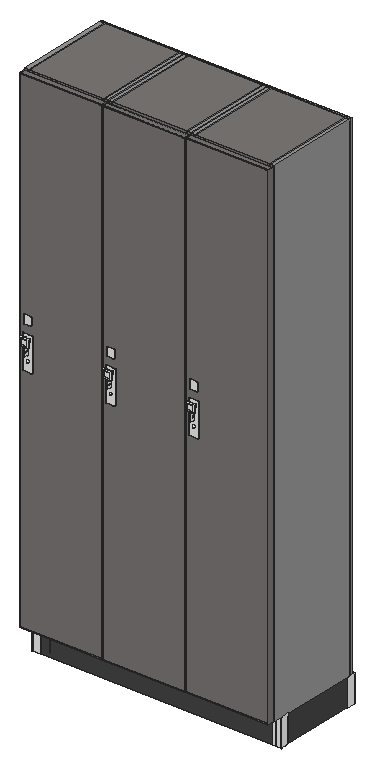
Revit family "Wood_Lockers_Hasps-Salsbury_Industries-41000_Series-3_Wide_Units.rfa", category Specialty Equipment, Revit 2016 (continued)
Definition of nested family "Premier Locker Doors_Hasp"
  Forms (in)
    Extrusion 6, solid, visible <- "Visible Number Plates", detail levels medium+fine
      sketch origin (-1.875, -0.375, 0) x (1, 0, 0) y (0, 0, 1)
        loop
          line (-3.5625, 40.60084) -> (-3.5625, 39.64916)
          arc (-3.5625, 39.64916) -> (-3.51881, 39.54369) -> (-3.41334, 39.5) r 0.14916
          line (-3.41334, 39.5) -> (-2.46166, 39.5)
          arc (-2.46166, 39.5) -> (-2.35619, 39.54369) -> (-2.3125, 39.64916) r 0.14916
          line (-2.3125, 39.64916) -> (-2.3125, 40.60084)
          arc (-2.3125, 40.60084) -> (-2.35619, 40.70631) -> (-2.46166, 40.75) r 0.14916
          line (-2.46166, 40.75) -> (-3.41334, 40.75)
      from -0.062 to 0
    Extrusion 7, solid, detail levels medium+fine
      sketch origin (0, 0.375, 0) x (1, 0, 0) y (0, 0, 1)
        loop
          circle (-5.4875, 71.3) r 0.25
      from 0 to -0.25
    Extrusion 8, solid, detail levels medium+fine
      sketch origin (0, 0.375, 0) x (1, 0, 0) y (0, 0, 1)
        loop
          line (5.3125, 68.5) -> (5.3125, 69) -> (4.8125, 69) -> (4.8125, 68.5) -> (5.3125, 68.5)
      from 0 to -0.25
    Extrusion 9, solid, detail levels medium+fine
      sketch origin (0, 0.375, -0.25) x (1, 0, 0) y (0, 0, 1)
        loop
          line (5.3125, 3) -> (5.3125, 3.5) -> (4.8125, 3.5) -> (4.8125, 3) -> (5.3125, 3)
      from 0 to -0.25
    Extrusion 10, solid, visible <- "Visible Center Hinge", detail levels medium+fine
      sketch origin (0, 0.375, -0.25) x (1, 0, 0) y (0, 0, 1)
        loop
          line (5.3125, 35.875) -> (5.3125, 36.375) -> (4.8125, 36.375) -> (4.8125, 35.875) -> (5.3125, 35.875)
      from 0 to -0.25
    Extrusion 11, void
      sketch origin (-1.875, -0.375, 0) x (1, 0, 0) y (0, 0, 1)
        loop
          arc (-3.5625, 38.3125) -> (-3.65089, 38.27589) -> (-3.6875, 38.1875) r 0.125
          line (-3.6875, 38.1875) -> (-3.6875, 33.5625)
          arc (-3.6875, 33.5625) -> (-3.65089, 33.47411) -> (-3.5625, 33.4375) r 0.125
          line (-3.5625, 33.4375) -> (-2.3125, 33.4375)
          arc (-2.3125, 33.4375) -> (-2.22411, 33.47411) -> (-2.1875, 33.5625) r 0.125
          line (-2.1875, 33.5625) -> (-2.1875, 38.1875)
          arc (-2.1875, 38.1875) -> (-2.22411, 38.27589) -> (-2.3125, 38.3125) r 0.125
          line (-2.3125, 38.3125) -> (-3.5625, 38.3125)
      from -0.062 to 0
    Extrusion 12, solid
      sketch origin (-1.875, -0.375, 0) x (1, 0, 0) y (0, 0, 1)
        loop
          line (-2.3125, 38.3125) -> (-3.5625, 38.3125)
          arc (-3.5625, 38.3125) -> (-3.65089, 38.27589) -> (-3.6875, 38.1875) r 0.125
          line (-3.6875, 38.1875) -> (-3.6875, 33.5625)
          arc (-3.6875, 33.5625) -> (-3.65089, 33.47411) -> (-3.5625, 33.4375) r 0.125
          line (-3.5625, 33.4375) -> (-2.3125, 33.4375)
          arc (-2.3125, 33.4375) -> (-2.22411, 33.47411) -> (-2.1875, 33.5625) r 0.125
          line (-2.1875, 33.5625) -> (-2.1875, 38.1875)
          arc (-2.1875, 38.1875) -> (-2.22411, 38.27589) -> (-2.3125, 38.3125) r 0.125
      from 0 to -0.062
    Extrusion 13, void
      sketch origin (-1.875, -0.375, 0) x (1, 0, 0) y (0, 0, 1)
        loop
          line (-3.1255, 36.6245) -> (-3.1255, 35.74816)
          arc (-3.1255, 35.74816) -> (-2.9375, 35.56016) -> (-2.7495, 35.74816) r 0.188
          line (-2.7495, 35.74816) -> (-2.7495, 36.6245)
          arc (-2.7495, 36.6245) -> (-2.9375, 36.8125) -> (-3.1255, 36.6245) r 0.188
      from 0 to -0.75
    Sweep 14, solid, detail levels medium+fine
      path origin (-1.875, -0.375, 0) x (1, 0, 0) y (0, 0, 1)
        loop
          circle (-2.9375, 34.8125) r 0.01
      profile origin (-4.8125, -0.375, 34.8225) x (0, 0, -1) y (0, -1, 0)
        loop
          line (0, 0) -> (0, 0.125)
          arc (0, 0.125) -> (-0.10032, 0.09036) -> (-0.156, 0) r 0.15776
          line (-0.156, 0) -> (0, 0)
    Extrusion 15, solid, detail levels medium+fine
      sketch origin (-1.875, -0.375, 0) x (1, 0, 0) y (0, 0, 1)
        loop
          circle (-2.9375, 34.8125) r 0.01
      from 0 to 0.125
    Sweep 16, solid
      path origin (-1.875, -0.375, 0) x (1, 0, 0) y (0, 0, 1)
        loop
          line (-3.5625, 38.1875) -> (-3.5625, 36.9375) -> (-2.3125, 36.9375) -> (-2.3125, 38.1875) -> (-3.5625, 38.1875)
      profile origin (-4.8125, -0.375, 38.1875) x (0, 0, 1) y (0, -1, 0)
        loop
          line (-0.38067, 0) -> (-0.38067, 0.24142)
          arc (-0.38067, 0.24142) -> (-0.34525, 0.34191) -> (-0.25465, 0.39797) r 0.16024
          arc (-0.25465, 0.39797) -> (-0.10494, 0.46941) -> (0, 0.59789) r 0.37946
          spline (0, 0.59789) -> (-0.00179, 0.61485) -> (-0.00715, 0.6316) -> (-0.01601, 0.64793) -> (-0.02825, 0.66364) -> (-0.04373, 0.67852) -> (-0.06225, 0.6924) -> (-0.08358, 0.7051) -> (-0.10745, 0.71647) -> (-0.13357, 0.72635) -> (-0.16161, 0.73463) -> (-0.19123, 0.74121) -> (-0.22204, 0.746)
          arc (-0.22204, 0.746) -> (-0.31051, 0.60028) -> (-0.42829, 0.47704) r 0.78682
          arc (-0.42829, 0.47704) -> (-0.50625, 0.37521) -> (-0.53396, 0.25) r 0.29673
          line (-0.53396, 0.25) -> (-0.53396, 0) -> (-0.38067, 0)
    Blend 17, solid
      base sketch origin (-1.875, -1.125, 0) x (0, 0, -1) y (-1, 0, 0)
        loop
          line (-37.96546, 3.34046) -> (-37.96546, 2.53454) -> (-37.15954, 2.53454) -> (-37.15954, 3.34046) -> (-37.96546, 3.34046)
      top sketch origin (-1.875, -1.125, 0) x (0, 0, -1) y (-1, 0, 0)
        loop
          line (-37.93279, 3.30777) -> (-37.93279, 2.56715) -> (-37.19211, 2.56715) -> (-37.19211, 3.30777) -> (-37.93279, 3.30777)
      from 0 to 0.031
    Extrusion 18, solid
      sketch origin (-4.8125, 0, 0) x (0, 0, -1) y (0, -1, 0)
        loop
          line (-35.6844, 1) -> (-36.6844, 1) -> (-36.6844, -0.375) -> (-35.6844, -0.375) -> (-35.6844, 1)
      from -0.063 to 0.063
    Extrusion 19, void
      sketch origin (-4.8125, 35.51803, 36.85077) x (0, 1, 0) y (0, 0, -1)
        loop
          circle (-36.1844, 0.66637) r 0.25
      from -0.063 to 0.063
  Cuts and joins
    Extrusion 5, Extrusion 13 cuts Extrusion 1
    Extrusion 5, Extrusion 11 cuts Extrusion 3
    Extrusion 13 cuts Extrusion 12
    Extrusion 13 cuts Extrusion 2
    Extrusion 19 cuts Extrusion 18
  Lines and regions (in)
    symbolic lines
      curve 1: line (-5.9375, 0.375, 0) -> (5.9375, 0.375, 0)
      curve 2: line (5.9375, 0.375, 0) -> (5.9375, 0.375, 71.75)
      curve 3: line (5.9375, 0.375, 71.75) -> (-5.9375, 0.375, 71.75)
      curve 4: line (-5.9375, 0.375, 71.75) -> (-5.9375, 0.375, 0)
      curve 5: line (-5.9375, 0.375, 71.625) -> (5.9375, 0.375, 71.625)
      curve 6: line (-5.9375, -0.375, 71.625) -> (-5.9375, 0.375, 71.625)
      curve 7: line (5.9375, -0.375, 71.625) -> (-5.9375, -0.375, 71.625)
      curve 8: line (5.9375, 0.375, 71.625) -> (5.9375, -0.375, 71.625)
      curve 9: line (5.3125, 0.375, 71.625) -> (5.3125, 0.625, 71.625)
      curve 10: line (5.3125, 0.625, 71.625) -> (4.8125, 0.625, 71.625)
      curve 11: line (4.8125, 0.625, 71.625) -> (4.8125, 0.375, 71.625)
      curve 12: line (-5.73713, 0.375, 71.625) -> (-5.73713, 0.625, 71.625)
      curve 13: line (-5.2375, 0.375, 71.625) -> (-5.2375, 0.625, 71.625)
      curve 14: line (-5.2375, 0.625, 71.625) -> (-5.73713, 0.625, 71.625)
      curve 15: line (-4.8125, -0.375, 71.75) -> (-4.8125, 0.375, 71.75)
      curve 16: line (-4.8125, -0.375, 0) -> (-4.8125, -0.375, 71.75)
      curve 17: line (-4.8125, 0.375, 0) -> (-4.8125, -0.375, 0)
      curve 18: line (-4.8125, 0.375, 71.75) -> (-4.8125, 0.375, 0)
      curve 19: line (-4.8125, 0.375, 69) -> (-4.8125, 0.625, 69)
      curve 20: line (-4.8125, 0.625, 69) -> (-4.8125, 0.625, 68.5)
      curve 21: line (-4.8125, 0.625, 68.5) -> (-4.8125, 0.375, 68.5)
      curve 22: line (-4.8125, 0.375, 3.25) -> (-4.8125, 0.625, 3.25)
      curve 23: line (-4.8125, 0.625, 3.25) -> (-4.8125, 0.625, 2.75)
      curve 24: line (-4.8125, 0.625, 2.75) -> (-4.8125, 0.375, 2.75)
      curve 25: line (-4.8125, 0.375, 36.125) -> (-4.8125, 0.625, 36.125)
      curve 26: line (-4.8125, 0.625, 36.125) -> (-4.8125, 0.625, 35.625)
      curve 27: line (-4.8125, 0.625, 35.625) -> (-4.8125, 0.375, 35.625)
      curve 28: line (-5.5625, -0.375, 71.625) -> (-4.0625, -0.375, 71.625)
      curve 29: line (-5.4375, -1.125, 38.3125) -> (-4.1875, -1.125, 38.3125)
      curve 30: arc (-4.0625, -1.125, 38.1875) -> (-4.09911, -1.125, 38.27589) -> (-4.1875, -1.125, 38.3125) r 0.125
      curve 31: arc (-5.4375, -1.125, 38.3125) -> (-5.52589, -1.125, 38.27589) -> (-5.5625, -1.125, 38.1875) r 0.125
      curve 32: line (-5.5625, -1.125, 33.5625) -> (-5.5625, -1.125, 38.1875)
      curve 33: line (-4.0625, -1.125, 38.1875) -> (-4.0625, -1.125, 33.5625)
      curve 34: arc (-4.1875, -1.125, 33.4375) -> (-4.09911, -1.125, 33.47411) -> (-4.0625, -1.125, 33.5625) r 0.125
      curve 35: arc (-5.5625, -1.125, 33.5625) -> (-5.52589, -1.125, 33.47411) -> (-5.4375, -1.125, 33.4375) r 0.125
      curve 36: line (-4.1875, -1.125, 33.4375) -> (-5.4375, -1.125, 33.4375)
      curve 37: arc (-4.6245, -1.125, 36.6245) -> (-4.8125, -1.125, 36.8125) -> (-5.0005, -1.125, 36.6245) r 0.188
      curve 38: arc (-5.0005, -1.125, 35.7505) -> (-4.8125, -1.125, 35.5625) -> (-4.6245, -1.125, 35.7505) r 0.188
      curve 39: line (-4.6245, -1.125, 36.6245) -> (-4.6245, -1.125, 35.7505)
      curve 40: line (-5.0005, -1.125, 35.7505) -> (-5.0005, -1.125, 36.6245)
      curve 41: line (-4.1875, -1.125, 36.9375) -> (-5.4375, -1.125, 36.9375)
      curve 42: line (-4.1875, -1.125, 38.1875) -> (-4.1875, -1.125, 36.9375)
      curve 43: line (-5.4375, -1.125, 36.9375) -> (-5.4375, -1.125, 38.1875)
      curve 44: line (-5.4375, -1.125, 38.1875) -> (-4.1875, -1.125, 38.1875)
      curve 45: line (-4.8755, -1.125, 36.6844) -> (-4.7495, -1.125, 36.6844)
      curve 46: line (-4.7495, -1.125, 36.6844) -> (-4.7495, -1.125, 35.6844)
      curve 47: line (-4.8755, -1.125, 35.6844) -> (-4.8755, -1.125, 36.6844)
      curve 48: line (-4.7495, -1.125, 35.6844) -> (-4.8755, -1.125, 35.6844)
      curve 49: line (-4.8125, -1, 36.6844) -> (-4.8125, -0.375, 36.6844)
      curve 50: line (-4.8125, -1, 35.6844) -> (-4.8125, -1, 36.6844)
      curve 51: line (-4.8125, -0.375, 35.6844) -> (-4.8125, -1, 35.6844)
      curve 52: arc (-4.8125, -0.91637, 36.1844) -> (-4.8125, -0.66637, 36.4344) -> (-4.8125, -0.41637, 36.1844) r 0.25
      curve 53: arc (-4.8125, -0.41637, 36.1844) -> (-4.8125, -0.66637, 35.9344) -> (-4.8125, -0.91637, 36.1844) r 0.25
      curve 54: line (-4.8125, -0.375, 37.31817) -> (-4.8125, -0.61642, 37.31817)
      curve 55: arc (-4.8125, -0.77297, 37.19215) -> (-4.8125, -0.71691, 37.28275) -> (-4.8125, -0.61642, 37.31817) r 0.16024
      curve 56: arc (-4.8125, -0.97289, 36.9375) -> (-4.8125, -0.84441, 37.04244) -> (-4.8125, -0.77297, 37.19215) r 0.37946
      curve 57: spline (-4.8125, -1.121, 37.15954) -> (-4.8125, -1.11621, 37.12873) -> (-4.8125, -1.10963, 37.09911) -> (-4.8125, -1.10135, 37.07107) -> (-4.8125, -1.09147, 37.04495) -> (-4.8125, -1.0801, 37.02108) -> (-4.8125, -1.0674, 36.99975) -> (-4.8125, -1.05352, 36.98123) -> (-4.8125, -1.03864, 36.96575) -> (-4.8125, -1.02293, 36.95351) -> (-4.8125, -1.0066, 36.94465) -> (-4.8125, -0.98985, 36.93929) -> (-4.8125, -0.97289, 36.9375)
      curve 58: line (-4.8125, -1.125, 37.15954) -> (-4.8125, -1.125, 37.96546)
      curve 59: spline (-4.8125, -1.121, 37.96546) -> (-4.8125, -1.11621, 37.99627) -> (-4.8125, -1.10963, 38.02589) -> (-4.8125, -1.10135, 38.05393) -> (-4.8125, -1.09147, 38.08005) -> (-4.8125, -1.0801, 38.10392) -> (-4.8125, -1.0674, 38.12525) -> (-4.8125, -1.05352, 38.14377) -> (-4.8125, -1.03864, 38.15925) -> (-4.8125, -1.02293, 38.17149) -> (-4.8125, -1.0066, 38.18035) -> (-4.8125, -0.98985, 38.18571) -> (-4.8125, -0.97289, 38.1875)
      curve 60: arc (-4.8125, -0.97289, 38.1875) -> (-4.8125, -0.84441, 38.08256) -> (-4.8125, -0.77297, 37.93285) r 0.37946
      curve 61: arc (-4.8125, -0.77297, 37.93285) -> (-4.8125, -0.71691, 37.84225) -> (-4.8125, -0.61642, 37.80683) r 0.16024
      curve 62: line (-4.8125, -0.61642, 37.80683) -> (-4.8125, -0.375, 37.80683)
      curve 63: line (-5.05683, -0.61642, 71.625) -> (-5.05683, -0.375, 71.625)
      curve 64: arc (-5.18285, -0.77297, 71.625) -> (-5.09225, -0.71691, 71.625) -> (-5.05683, -0.61642, 71.625) r 0.16024
      curve 65: arc (-5.4375, -0.97289, 71.625) -> (-5.33256, -0.84441, 71.625) -> (-5.18285, -0.77297, 71.625) r 0.37946
      curve 66: line (-4.40954, -1.125, 71.625) -> (-5.21546, -1.125, 71.625)
      curve 67: spline (-4.40954, -1.121, 71.625) -> (-4.37873, -1.11621, 71.625) -> (-4.34911, -1.10963, 71.625) -> (-4.32107, -1.10135, 71.625) -> (-4.29495, -1.09147, 71.625) -> (-4.27108, -1.0801, 71.625) -> (-4.24975, -1.0674, 71.625) -> (-4.23123, -1.05352, 71.625) -> (-4.21575, -1.03864, 71.625) -> (-4.20351, -1.02293, 71.625) -> (-4.19465, -1.0066, 71.625) -> (-4.18929, -0.98985, 71.625) -> (-4.1875, -0.97289, 71.625)
      curve 68: arc (-4.1875, -0.97289, 71.625) -> (-4.29244, -0.84441, 71.625) -> (-4.44215, -0.77297, 71.625) r 0.37946
      curve 69: arc (-4.44215, -0.77297, 71.625) -> (-4.53275, -0.71691, 71.625) -> (-4.56817, -0.61642, 71.625) r 0.16024
      curve 70: line (-4.56817, -0.375, 71.625) -> (-4.56817, -0.61642, 71.625)
      curve 71: spline (-5.21546, -1.121, 71.625) -> (-5.24627, -1.11621, 71.625) -> (-5.27589, -1.10963, 71.625) -> (-5.30393, -1.10135, 71.625) -> (-5.33005, -1.09147, 71.625) -> (-5.35392, -1.0801, 71.625) -> (-5.37525, -1.0674, 71.625) -> (-5.39377, -1.05352, 71.625) -> (-5.40925, -1.03864, 71.625) -> (-5.42149, -1.02293, 71.625) -> (-5.43035, -1.0066, 71.625) -> (-5.43571, -0.98985, 71.625) -> (-5.4375, -0.97289, 71.625)
    reference lines
      curve 72: line (-5.9375, 0, 71.75) -> (5.3435, 0, 71.75)
      curve 73: line (5.3435, 0, 71.75) -> (-5.9375, 0, 71.75)
  Dimensions and locks (in)
    equal spacing: plane 4 "Left Side of Door", plane 3 "Center (Left/Right)", plane 5 "Right Side of Door"
    "Width": plane 4 "Left Side of Door" to plane 5 "Right Side of Door"
    equal spacing: plane 7 "Front of Door", plane 1 "Center (Front/Back)", plane 6 "Back of Door"
    "Depth": plane 7 "Front of Door" to plane 6 "Back of Door"
    equal spacing: plane 9 "Top of Door", plane 10 "Center of Door", plane 8 "Bottom of Door"
    "Height": plane 9 "Top of Door" to plane 8 "Bottom of Door"
    equal spacing: plane 11 "Top of Number Tag", plane 16 "Center of Number Tag", plane 12 "Bottom of Number Tag"
    "Number Tag Height": plane 11 "Top of Number Tag" to plane 12 "Bottom of Number Tag"
    equal spacing: plane 14 "Right Side of Number Tag", plane 15 "Horizontal Center of Number Tag", plane 13 "Left Side of Number Tag"
    "Number Tag Width": plane 14 "Right Side of Number Tag" to plane 13 "Left Side of Number Tag"
    "Number Tag-Horizontal Offset": plane 15 "Horizontal Center of Number Tag" to plane 5 "Right Side of Door"
    "Number Tag-Vertical Offset": plane 9 "Top of Door" to plane 16 "Center of Number Tag"
    "Lock Horizontal Offset": plane 4 "Left Side of Door" to plane 17 "Left Side of Lock"
    equal spacing: plane 20 "Top of Lock", plane 19 "Lock Vertical Center", plane 21 "Bottom of Lock"
    "Lock Height": plane 20 "Top of Lock" to plane 21 "Bottom of Lock"
    "Lock Vertical Offset": plane 9 "Top of Door" to plane 19 "Lock Vertical Center"
    plane 22 "Front of Hasp Stud" to plane 7 "Front of Door" = 0.125"
    locked: plane 24 "Right Side of Door-Left Side of Trim" to plane 5 "Right Side of Door" at 0.125
    locked: plane 4 "Left Side of Door" to plane 23 "Left Side of Door-Right Side of Trim" at 0.125
    locked: plane 9 "Top of Door" to plane 25 "Top of Door-Bottom of Trim" at 0.125
    plane 26 "Bottom of Door-Top of Trim" to plane 8 "Bottom of Door" = 0.125"
    plane 28 "Melamine-Particleboard Line" to plane 6 "Back of Door" = 0.031"
    plane 7 "Front of Door" to plane 27 "Laminate-Particleboard Line" = 0.031"
    plane 27 "Laminate-Particleboard Line" to plane 29 "Back of Number Plate Inset" = 0.031"
    equal spacing: plane 18 "Right Side of Lock", plane 30 "Center of Lock", plane 17 "Left Side of Lock", locked at 0.75 each
    "Lock Width": plane 18 "Right Side of Lock" to plane 17 "Left Side of Lock"
    plane 22 "Front of Hasp Stud" to plane 31 = 0.312"
    plane 6 "Back of Door" to plane 32 "Door Stopper Plane" = 0.250"
    locked: plane 23 "Left Side of Door-Right Side of Trim" to plane 33 at 0.325
    locked: plane 25 "Top of Door-Bottom of Trim" to plane 34 at 0.325
    locked: plane 9 "Top of Door" to plane 35 "Top Hinge" at 3
    plane 36 to plane 5 "Right Side of Door" = 0.625"
    plane 6 "Back of Door" to plane 28 "Melamine-Particleboard Line" = 0.031"
    plane 9 "Top of Door" to plane 25 "Top of Door-Bottom of Trim" = 0.125"
    plane 7 "Front of Door" to plane 38 "Inner Knob" = 0.719"
    locked: plane 38 "Inner Knob" to plane 39 "Front of Knob" at 0.031
    locked: plane 40 to plane 20 "Top of Lock" at 1.125
    locked: plane 21 "Bottom of Lock" to plane 41 at 1.125
    locked: plane 20 "Top of Lock" to plane 42 at 0.125
    locked: plane 18 "Right Side of Lock" to plane 43 at 0.125
    locked: plane 44 to plane 17 "Left Side of Lock" at 0.125
    plane 42 to plane 45 = 1.250"
    locked: plane 45 to plane 46 "Top of Hole" at 0.125
    plane 48 to plane 30 "Center of Lock" to plane 47 = 0.188" locked, 0.188" locked
    locked: plane 46 "Top of Hole" to plane 49 "Bottom of Hole" at 1.25
    plane 49 "Bottom of Hole" to plane 50 "Stud Alignment" = 0.750"
    locked: plane 42 to plane 51 "Center of Handle" at 0.625
    plane 52 to plane 51 "Center of Handle" to plane 53 = 0.188" locked, 0.188" locked
    plane 7 "Front of Door" to plane 39 "Front of Knob" = 0.750"
    locked: plane 42 to plane 54 at 0.22204
    locked: plane 55 to plane 45 at 0.22204
    locked: plane 7 "Front of Door" to plane 56 "Front of Latch" at 0.625
    locked: plane 57 to plane 58 at 1
    locked: plane 46 "Top of Hole" to plane 57 at 0.1281
    equal spacing: plane 58, plane 59, plane 57
    locked: plane 60 to plane 5 "Right Side of Door" at 0.594
    locked: plane 57 to plane 61 at 0.0599
    locked: plane 62 to plane 58 at 0.06376
    plane 12 "Bottom of Number Tag" to plane 20 "Top of Lock" = 1.1875"
    aligned and locked: level to plane 2
    aligned and locked: Extrusion 5 to plane 11 "Top of Number Tag"
    aligned and locked: plane 12 "Bottom of Number Tag" to Extrusion 5
    aligned and locked: Extrusion 5 to plane 14 "Right Side of Number Tag"
    aligned and locked: Extrusion 5 to plane 13 "Left Side of Number Tag"
    aligned and locked: plane 29 "Back of Number Plate Inset" to Extrusion 5
    aligned and locked: plane 7 "Front of Door" to Extrusion 5
    aligned and locked: plane 29 "Back of Number Plate Inset" to Extrusion 6
    aligned and locked: plane 7 "Front of Door" to Extrusion 6
    aligned and locked: Extrusion 6 to plane 14 "Right Side of Number Tag"
    aligned and locked: Extrusion 6 to plane 13 "Left Side of Number Tag"
    aligned and locked: Extrusion 6 to plane 11 "Top of Number Tag"
    aligned and locked: plane 12 "Bottom of Number Tag" to Extrusion 6
    aligned and locked: curve 9 to Extrusion 8
    aligned and locked: curve 10 to Extrusion 8
    aligned and locked: curve 11 to Extrusion 8
    aligned and locked: Extrusion 7 to curve 12
    aligned and locked: curve 14 to Extrusion 7
    aligned and locked: curve 16 to plane 7 "Front of Door"
    aligned and locked: curve 19 to Extrusion 8  (x2)
    aligned and locked: curve 21 to Extrusion 8
    aligned and locked: curve 18 to curve 22
    aligned and locked: curve 22 to Extrusion 9  (x2)
    aligned and locked: curve 24 to Extrusion 9
    aligned and locked: curve 25 to Extrusion 10
    aligned and locked: curve 26 to Extrusion 10
    aligned and locked: curve 27 to Extrusion 10
    aligned and locked: plane 20 "Top of Lock" to Extrusion 11 sketch curve
    aligned and locked: Extrusion 11 sketch curve to plane 21 "Bottom of Lock"
    aligned and locked: Extrusion 11 to plane 29 "Back of Number Plate Inset"
    aligned and locked: plane 7 "Front of Door" to Extrusion 11
    aligned and locked: Extrusion 3 to Extrusion 11
    aligned and locked: plane 50 "Stud Alignment" to Sweep 14  (x2)
    aligned and locked: Extrusion 15 to plane 7 "Front of Door"
    aligned and locked: Extrusion 15 to plane 22 "Front of Hasp Stud"
    aligned and locked: plane 50 "Stud Alignment" to Extrusion 15
    aligned and locked: Blend 17 to plane 39 "Front of Knob"
    aligned and locked: plane 38 "Inner Knob" to Blend 17
    aligned and locked: plane 6 "Back of Door" to Extrusion 18 sketch curve
    aligned and locked: plane 56 "Front of Latch" to Extrusion 18 sketch curve
    aligned and locked: Extrusion 18 to plane 57
    aligned and locked: plane 58 to Extrusion 18
    aligned and locked: plane 59 to cut or joined group of Extrusion 18, Extrusion 19
    aligned and locked: plane 61 to Extrusion 13 sketch curve  (x2)
    aligned and locked: plane 62 to Extrusion 13 sketch curve  (x2)
  Automatic sketch dimensions
    Extrusion 1 sketch curve to plane 4 "Left Side of Door" = 0.031"
    plane 5 "Right Side of Door" to Extrusion 1 sketch curve = 0.031"
    level to Extrusion 1 sketch curve = 0.031"
    plane 9 "Top of Door" to Extrusion 1 sketch curve = 0.031"
    Extrusion 2 sketch curve to plane 4 "Left Side of Door" = 0.031"
    plane 5 "Right Side of Door" to Extrusion 2 sketch curve = 0.031"
    level to Extrusion 2 sketch curve = 0.031"
    plane 9 "Top of Door" to Extrusion 2 sketch curve = 0.031"
    Extrusion 3 sketch curve to plane 4 "Left Side of Door" = 0.031"
    plane 5 "Right Side of Door" to Extrusion 3 sketch curve = 0.031"
    level to Extrusion 3 sketch curve = 0.031"
    plane 9 "Top of Door" to Extrusion 3 sketch curve = 0.031"
    plane 23 "Left Side of Door-Right Side of Trim" to Sweep 4 sketch curve = 0.000"
    plane 24 "Right Side of Door-Left Side of Trim" to Sweep 4 sketch curve = 0.000"  (x2)
    Sweep 4 sketch curve to plane 26 "Bottom of Door-Top of Trim" = 0.000"
    Sweep 4 sketch curve to plane 25 "Top of Door-Bottom of Trim" = 0.000"
    profile plane to Sweep 4 sketch curve = 0.125"
    Sweep 4 sketch curve to Sweep 4 sketch curve = 0.031"
    Sweep 4 sketch curve to plane 1 "Center (Front/Back)" = 0.375"
    plane 1 "Center (Front/Back)" to Sweep 4 sketch curve = 0.375"
    Extrusion 7 sketch curve to plane 33 = 0.000"
    Extrusion 7 sketch curve to plane 34 = 0.000"
    plane 36 to Extrusion 8 sketch curve = 0.000"
    Extrusion 8 sketch curve to Extrusion 8 sketch curve = 0.500"
    plane 35 "Top Hinge" to Extrusion 8 sketch curve = 0.250"
    Extrusion 8 sketch curve to plane 35 "Top Hinge" = 0.250"
    plane 36 to Extrusion 9 sketch curve = 0.000"
    Extrusion 9 sketch curve to Extrusion 9 sketch curve = 0.500"
    plane 37 "Bottom Hinge" to Extrusion 9 sketch curve = 0.250"
    Extrusion 9 sketch curve to plane 37 "Bottom Hinge" = 0.250"
    plane 36 to Extrusion 10 sketch curve = 0.000"
    Extrusion 10 sketch curve to Extrusion 10 sketch curve = 0.500"
    curve 4 to level = 0.000"
    plane 4 "Left Side of Door" to curve 4 = 0.000"
    plane 5 "Right Side of Door" to curve 3 = 0.000"
    curve 3 to plane 9 "Top of Door" = 0.000"
    Extrusion 5 sketch curve to plane 13 "Left Side of Number Tag" = 0.000"
    Extrusion 5 sketch curve to plane 12 "Bottom of Number Tag" = 0.000"
    Extrusion 5 sketch curve to plane 11 "Top of Number Tag" = 0.000"
    Extrusion 5 sketch curve to plane 14 "Right Side of Number Tag" = 0.000"
    Extrusion 6 sketch curve to plane 13 "Left Side of Number Tag" = 0.000"
    Extrusion 6 sketch curve to plane 12 "Bottom of Number Tag" = 0.000"
    Extrusion 6 sketch curve to plane 11 "Top of Number Tag" = 0.000"
    Extrusion 6 sketch curve to plane 14 "Right Side of Number Tag" = 0.000"
    Extrusion 11 sketch curve to plane 13 "Left Side of Number Tag" = 0.125"
    Extrusion 10 sketch curve to plane 10 "Center of Door" = 0.250"
    plane 10 "Center of Door" to Extrusion 10 sketch curve = 0.250"
    Extrusion 11 sketch curve to plane 21 "Bottom of Lock" = 0.125"
    plane 13 "Left Side of Number Tag" to Extrusion 5 sketch curve = 0.14916"
    Extrusion 5 sketch curve to Extrusion 5 sketch curve = 0.14916"  (x2)
    plane 13 "Left Side of Number Tag" to Extrusion 6 sketch curve = 0.14916"
    Extrusion 6 sketch curve to plane 12 "Bottom of Number Tag" = 0.14916"
    plane 13 "Left Side of Number Tag" to Extrusion 11 sketch curve = 0.000"  (x2)
    Extrusion 5 sketch curve to plane 12 "Bottom of Number Tag" = 0.14916"
    Extrusion 6 sketch curve to plane 14 "Right Side of Number Tag" = 0.14916"  (x2)
    plane 14 "Right Side of Number Tag" to Extrusion 11 sketch curve = 0.000"  (x2)
    Extrusion 12 sketch curve to plane 17 "Left Side of Lock" = 0.000"
    plane 13 "Left Side of Number Tag" to Extrusion 12 sketch curve = 0.000"  (x2)
    plane 14 "Right Side of Number Tag" to Extrusion 12 sketch curve = 0.000"  (x2)
    Extrusion 12 sketch curve to plane 20 "Top of Lock" = 0.000"
    Extrusion 12 sketch curve to plane 18 "Right Side of Lock" = 0.000"
    Extrusion 12 sketch curve to plane 21 "Bottom of Lock" = 0.125"
    plane 15 "Horizontal Center of Number Tag" to Sweep 14 sketch curve = 0.000"
    Sweep 14 sketch curve to plane 50 "Stud Alignment" = 0.000"
    Sweep 14 sketch curve to plane 7 "Front of Door" = 0.000"
    Sweep 14 sketch curve to profile plane = 0.000"
    profile plane to Sweep 14 sketch curve = 0.00168"
    profile plane to Sweep 14 sketch curve = 0.156"
    Sweep 14 sketch curve to plane 7 "Front of Door" = 0.03275"
    Extrusion 15 sketch curve to Extrusion 15 sketch curve = 0.000"  (x2)
    Extrusion 15 sketch curve to plane 50 "Stud Alignment" = 0.000"
    plane 15 "Horizontal Center of Number Tag" to Extrusion 15 sketch curve = 0.000"
    plane 15 "Horizontal Center of Number Tag" to Extrusion 15 sketch curve = 0.010"
    plane 13 "Left Side of Number Tag" to Sweep 16 sketch curve = 0.000"
    plane 14 "Right Side of Number Tag" to Sweep 16 sketch curve = 0.000"
    Sweep 16 sketch curve to plane 45 = 0.000"
    Sweep 16 sketch curve to plane 42 = 0.000"
    Sweep 16 sketch curve to plane 7 "Front of Door" = 0.000"
    profile plane to Sweep 16 sketch curve = 0.000"
    profile plane to Sweep 16 sketch curve = 0.22043"
    Sweep 16 sketch curve to Sweep 16 sketch curve = 0.01681"
    profile plane to Sweep 16 sketch curve = 0.33926"
    Sweep 16 sketch curve to Sweep 16 sketch curve = 0.14344"
    Sweep 16 sketch curve to Sweep 16 sketch curve = 0.15329"
    Sweep 16 sketch curve to Sweep 16 sketch curve = 0.59563"
    Sweep 16 sketch curve to Sweep 16 sketch curve = 0.24142"
    Sweep 16 sketch curve to Sweep 16 sketch curve = 0.00858"
    Sweep 16 sketch curve to Sweep 16 sketch curve = 0.51788"
    Sweep 16 sketch curve to Sweep 16 sketch curve = 0.31119"
    Sweep 16 sketch curve to Sweep 16 sketch curve = 0.11721"
    Sweep 16 sketch curve to Sweep 16 sketch curve = 0.01742"
    Sweep 16 sketch curve to Sweep 16 sketch curve = 0.06553"
    Sweep 16 sketch curve to Sweep 16 sketch curve = 0.000"
    Blend 17 sketch curve to plane 54 = 0.000"
    Blend 17 sketch curve to plane 55 = 0.000"
    Blend 17 sketch curve to plane 47 = 0.21496"
    plane 48 to Blend 17 sketch curve = 0.21496"
    plane 54 to Blend 17 sketch curve = 0.03267"
    Blend 17 sketch curve to plane 40 = 0.00461"
    Blend 17 sketch curve to plane 47 = 0.18235"
    plane 48 to Blend 17 sketch curve = 0.18227"
    Extrusion 18 sketch curve to plane 57 = 0.000"
    Extrusion 18 sketch curve to plane 58 = 0.000"
    plane 59 to Extrusion 19 sketch curve = 0.000"
    Extrusion 19 sketch curve to plane 22 "Front of Hasp Stud" = 0.16637"
    curve 29 to plane 14 "Right Side of Number Tag" = 0.000"
    curve 29 to plane 20 "Top of Lock" = 0.000"
    curve 30 to plane 18 "Right Side of Lock" = 0.000"
    curve 29 to plane 13 "Left Side of Number Tag" = 0.000"
    curve 31 to plane 42 = 0.000"
    curve 32 to plane 21 "Bottom of Lock" = 0.125"
    curve 34 to plane 14 "Right Side of Number Tag" = 0.000"
    curve 35 to plane 13 "Left Side of Number Tag" = 0.000"
    plane 15 "Horizontal Center of Number Tag" to curve 37 = 0.000"
    plane 47 to curve 37 = 0.000"
    plane 57 to curve 37 = 0.0599"
    curve 39 to plane 58 = 0.0661"
    curve 42 to plane 14 "Right Side of Number Tag" = 0.000"
    curve 41 to plane 13 "Left Side of Number Tag" = 0.000"
    curve 41 to plane 45 = 0.000"
    curve 43 to plane 42 = 0.000"
    curve 46 to plane 57 = 0.000"
    curve 46 to plane 15 "Horizontal Center of Number Tag" = 0.063"
    plane 15 "Horizontal Center of Number Tag" to curve 45 = 0.063"
    curve 47 to plane 58 = 0.000"
    curve 15 to plane 6 "Back of Door" = 0.000"
    plane 9 "Top of Door" to curve 15 = 0.000"
    plane 57 to curve 49 = 0.000"
    curve 51 to plane 56 "Front of Latch" = 0.000"
    plane 58 to curve 51 = 0.000"
    curve 17 to level = 0.000"
    plane 59 to curve 52 = 0.000"
    curve 53 to plane 22 "Front of Hasp Stud" = 0.16637"
    plane 7 "Front of Door" to curve 53 = 0.04137"
    plane 53 to curve 54 = 0.05633"
    curve 54 to plane 22 "Front of Hasp Stud" = 0.11642"
    plane 55 to curve 55 = 0.00161"
    curve 55 to plane 40 = 0.00465"
    plane 45 to curve 56 = 0.000"
    curve 56 to plane 39 "Front of Knob" = 0.01788"
    curve 56 to plane 40 = 0.08926"
    plane 55 to curve 57 = 0.000"
    curve 57 to plane 40 = 0.03757"
    plane 39 "Front of Knob" to curve 57 = 0.004"
    plane 42 to curve 60 = 0.000"
    curve 58 to plane 39 "Front of Knob" = 0.000"
    plane 54 to curve 58 = 0.000"
    plane 54 to curve 59 = 0.000"
    plane 55 to curve 58 = 0.000"
    curve 60 to plane 39 "Front of Knob" = 0.01788"
    curve 60 to plane 52 = 0.09774"
    plane 54 to curve 60 = 0.03261"
    plane 56 "Front of Latch" to curve 59 = 0.02711"
    plane 54 to curve 59 = 0.06553"
    plane 39 "Front of Knob" to curve 59 = 0.004"
    curve 61 to plane 54 = 0.00161"
    curve 61 to plane 22 "Front of Hasp Stud" = 0.11642"
    plane 6 "Back of Door" to curve 9 = 0.000"
    curve 6 to plane 4 "Left Side of Door" = 0.000"
    plane 7 "Front of Door" to curve 6 = 0.000"
    plane 7 "Front of Door" to curve 28 = 0.000"
    curve 67 to plane 14 "Right Side of Number Tag" = 0.000"
    curve 65 to plane 13 "Left Side of Number Tag" = 0.000"
    curve 66 to plane 39 "Front of Knob" = 0.000"
    curve 28 to plane 17 "Left Side of Lock" = 0.000"
    curve 28 to plane 18 "Right Side of Lock" = 0.000"
    curve 8 to plane 5 "Right Side of Door" = 0.000"
    curve 64 to plane 22 "Front of Hasp Stud" = 0.11642"
    curve 69 to plane 22 "Front of Hasp Stud" = 0.11642"
    curve 68 to plane 39 "Front of Knob" = 0.01788"
    curve 65 to plane 39 "Front of Knob" = 0.01788"
    curve 14 to plane 23 "Left Side of Door-Right Side of Trim" = 0.07537"
    plane 48 to curve 64 = 0.21657"
    plane 48 to curve 65 = 0.09774"
    plane 48 to curve 63 = 0.05633"
    curve 70 to plane 47 = 0.05633"
    curve 68 to plane 47 = 0.09774"
    curve 69 to curve 69 = 0.16024"
    curve 64 to curve 65 = 0.15655"
    curve 69 to curve 68 = 0.15655"
    plane 39 "Front of Knob" to curve 67 = 0.004"
    plane 33 to curve 14 = 0.250"
    curve 66 to curve 65 = 0.11721"
    curve 67 to plane 47 = 0.14943"
    curve 68 to curve 66 = 0.11721"
    curve 67 to curve 66 = 0.000"
    plane 39 "Front of Knob" to curve 71 = 0.004"
    curve 71 to curve 66 = 0.000"
    plane 48 to curve 71 = 0.14943"
    plane 1 "Center (Front/Back)" to curve 73 = 0.000"
    curve 73 to plane 4 "Left Side of Door" = 0.000"
    curve 73 to plane 60 = 0.000"
    plane 48 to Extrusion 13 sketch curve = 0.000"
    plane 15 "Horizontal Center of Number Tag" to Extrusion 13 sketch curve = 0.000"
    radius of Extrusion 7 sketch curve = 0.250"
    radius of Sweep 14 sketch curve = 0.010"
    radius of Extrusion 19 sketch curve = 0.250"
Definition of nested family "Wood Locker Bases"
  Parameters (values of type "Base - 36" W x 15" D Lockers")
    Width = 36.000"
    Visible Base = yes
    Visible = yes
    Model = "Base - 36\" W x 15\" D Lockers"
    Manufacturer = "Salsbury Industries"
    Height = 4.000"
    Depth = 13.250"
    Base Secondary Material = none
    Base Primary Materials = none
    Base Hardware = none
  Types (14): name | Width | Visible Base | Visible | Model | Depth
    (no name) | 36.000" | yes | yes | "Base - 36\" W x 15\" D Lockers" | 13.250"
    Base - 12" W x 15" D Lockers | 12.000" | yes | no | "Base - 12\" W x 15\" D Lockers" | 13.250"
    Base - 12" W x 18" D Lockers | 12.000" | yes | no | "Base - 12\" W x 18\" D Lockers" | 16.250"
    Base - 12" W x 21" D Lockers | 12.000" | yes | no | "Base - 12\" W x 21\" D Lockers" | 19.250"
    Base - 36" W x 15" D Lockers | 36.000" | yes | yes | "Base - 36\" W x 15\" D Lockers" | 13.250"
    Base - 36" W x 18" D Lockers | 36.000" | yes | yes | "Base - 36\" W x 18\" D Lockers" | 16.250"
    Base - 36" W x 21" D Lockers | 36.000" | yes | yes | "Base - 36\" W x 21\" D Lockers" | 19.250"
    Base - 15" W x 18" D Lockers | 15.000" | yes | no | "Base - 15\" W x 18\" D Lockers" | 16.250"
    Base - 15" W x 21" D Lockers | 15.000" | yes | no | "Base - 15\" W x 21\" D Lockers" | 19.250"
    Base - 15" W x 24" D Lockers | 15.000" | yes | no | "Base - 15\" W x 24\" D Lockers" | 22.250"
    Base - 45" W x 18" D Lockers | 45.000" | yes | yes | "Base - 45\" W x 18\" D Lockers" | 16.250"
    Base - 45" W x 21" D Lockers | 45.000" | yes | yes | "Base - 45\" W x 21\" D Lockers" | 19.250"
    Base - 45" W x 24" D Lockers | 45.000" | yes | yes | "Base - 45\" W x 24\" D Lockers" | 22.250"
    None | 12.000" | no | no | "Base - 12\" W x 15\" D Lockers" | 13.250"
  Reference planes (in)
    plane 1 "Center (Front/Back)": y = 0
    plane 2: z = 0
    plane 3 "Center (Left/Right)": x = 0
    plane 4 "Left Edge": x = -18
    plane 5 "Right Edge": x = 18
    plane 6 "Back Edge": y = 6.625
    plane 7 "Front Edge": y = -6.625
    plane 8 "Bottom Edge": z = 0
    plane 9 "Top Edge": z = 4
    plane 10: x = -16.75
    plane 11: x = -16.102
    plane 12: y = 6.562
    plane 13: y = 5.8
    plane 14: x = -17.131
    plane 15: x = -17.256
    plane 16: x = -17.937
    plane 17: x = -17.175
    plane 18: y = 4.727
    plane 19: y = 5.375
    plane 20: y = 5.756
    plane 21: y = 5.881
    plane 22: x = -17.931
    plane 23: x = 17.931
    plane 24: y = 6.556
    plane 25: y = -6.556
    plane 26: y = 6.525
    plane 27: y = -6.525
    plane 28: x = -17.9
    plane 29: x = 17.9
    plane 30: x = -2.375
    plane 31: x = 2.375
  Forms (in)
    Extrusion 1, solid, material <- "Base Hardware", visible <- "Visible Base"
      sketch origin (0, 0, 0) x (1, 0, 0) y (0, 1, 0)
        loop
          arc (-17.96712, 6.625) -> (-17.99098, 6.61598) -> (-18, 6.59212) r 0.031
          line (-18, 6.59212) -> (-18, 5.4065)
          arc (-18, 5.4065) -> (-17.9685, 5.375) -> (-17.937, 5.4065) r 0.0315
          line (-17.937, 5.4065) -> (-17.937, 5.756) -> (-17.837, 5.756) -> (-17.837, 5.819) -> (-17.937, 5.819) -> (-17.937, 6.51465) -> (-17.256, 5.83365) -> (-17.256, 5.756) -> (-17.175, 5.756) -> (-17.175, 4.75833)
          arc (-17.175, 4.75833) -> (-17.14367, 4.727) -> (-17.11235, 4.75833) r 0.03133
          line (-17.11235, 4.75833) -> (-17.11235, 5.73703) -> (-16.13348, 5.73703)
          arc (-16.13348, 5.73703) -> (-16.102, 5.76852) -> (-16.13348, 5.8) r 0.03148
          line (-16.13348, 5.8) -> (-17.131, 5.8) -> (-17.131, 5.881) -> (-17.21422, 5.881) -> (-17.89522, 6.562) -> (-17.194, 6.562) -> (-17.194, 6.462) -> (-17.131, 6.462) -> (-17.131, 6.562) -> (-16.7814, 6.562)
          arc (-16.7814, 6.562) -> (-16.7499, 6.5935) -> (-16.7814, 6.625) r 0.0315
          line (-16.7814, 6.625) -> (-17.96712, 6.625)
      from 0 to 4
    Extrusion 2, solid, material <- "Base Hardware", visible <- "Visible Base"
      sketch origin (0, 0, 0) x (-1, 0, 0) y (0, -1, 0)
        loop
          line (-17.96712, -6.625) -> (-16.7814, -6.625)
          arc (-16.7814, -6.625) -> (-16.7499, -6.5935) -> (-16.7814, -6.562) r 0.0315
          line (-16.7814, -6.562) -> (-17.131, -6.562) -> (-17.131, -6.462) -> (-17.194, -6.462) -> (-17.194, -6.562) -> (-17.89522, -6.562) -> (-17.21422, -5.881) -> (-17.131, -5.881) -> (-17.131, -5.8) -> (-16.13348, -5.8)
          arc (-16.13348, -5.8) -> (-16.102, -5.76852) -> (-16.13348, -5.73703) r 0.03148
          line (-16.13348, -5.73703) -> (-17.11235, -5.73703) -> (-17.11235, -4.75833)
          arc (-17.11235, -4.75833) -> (-17.14367, -4.727) -> (-17.175, -4.75833) r 0.03133
          line (-17.175, -4.75833) -> (-17.175, -5.756) -> (-17.256, -5.756) -> (-17.256, -5.83365) -> (-17.937, -6.51465) -> (-17.937, -5.819) -> (-17.837, -5.819) -> (-17.837, -5.756) -> (-17.937, -5.756) -> (-17.937, -5.4065)
          arc (-17.937, -5.4065) -> (-17.9685, -5.375) -> (-18, -5.4065) r 0.0315
          line (-18, -5.4065) -> (-18, -6.59212)
          arc (-18, -6.59212) -> (-17.99098, -6.61598) -> (-17.96712, -6.625) r 0.031
      from 0 to 4
    Extrusion 3, solid, material <- "Base Hardware", visible <- "Visible Base"
      sketch origin (0, 0, 0) x (1, 0, 0) y (0, 1, 0)
        loop
          line (-17.96712, -6.625) -> (-16.7814, -6.625)
          arc (-16.7814, -6.625) -> (-16.7499, -6.5935) -> (-16.7814, -6.562) r 0.0315
          line (-16.7814, -6.562) -> (-17.131, -6.562) -> (-17.131, -6.462) -> (-17.194, -6.462) -> (-17.194, -6.562) -> (-17.89522, -6.562) -> (-17.21422, -5.881) -> (-17.131, -5.881) -> (-17.131, -5.8) -> (-16.13348, -5.8)
          arc (-16.13348, -5.8) -> (-16.102, -5.76852) -> (-16.13348, -5.73703) r 0.03148
          line (-16.13348, -5.73703) -> (-17.11235, -5.73703) -> (-17.11235, -4.75833)
          arc (-17.11235, -4.75833) -> (-17.14367, -4.727) -> (-17.175, -4.75833) r 0.03133
          line (-17.175, -4.75833) -> (-17.175, -5.756) -> (-17.256, -5.756) -> (-17.256, -5.83365) -> (-17.937, -6.51465) -> (-17.937, -5.819) -> (-17.837, -5.819) -> (-17.837, -5.756) -> (-17.937, -5.756) -> (-17.937, -5.4065)
          arc (-17.937, -5.4065) -> (-17.9685, -5.375) -> (-18, -5.4065) r 0.0315
          line (-18, -5.4065) -> (-18, -6.59212)
          arc (-18, -6.59212) -> (-17.99098, -6.61598) -> (-17.96712, -6.625) r 0.031
      from 0 to 4
    Extrusion 4, solid, material <- "Base Hardware", visible <- "Visible Base"
      sketch origin (0, 0, 0) x (-1, 0, 0) y (0, -1, 0)
        loop
          arc (-17.96712, 6.625) -> (-17.99098, 6.61598) -> (-18, 6.59212) r 0.031
          line (-18, 6.59212) -> (-18, 5.4065)
          arc (-18, 5.4065) -> (-17.9685, 5.375) -> (-17.937, 5.4065) r 0.0315
          line (-17.937, 5.4065) -> (-17.937, 5.756) -> (-17.837, 5.756) -> (-17.837, 5.819) -> (-17.937, 5.819) -> (-17.937, 6.51465) -> (-17.256, 5.83365) -> (-17.256, 5.756) -> (-17.175, 5.756) -> (-17.175, 4.75833)
          arc (-17.175, 4.75833) -> (-17.14367, 4.727) -> (-17.11235, 4.75833) r 0.03133
          line (-17.11235, 4.75833) -> (-17.11235, 5.73703) -> (-16.13348, 5.73703)
          arc (-16.13348, 5.73703) -> (-16.102, 5.76852) -> (-16.13348, 5.8) r 0.03148
          line (-16.13348, 5.8) -> (-17.131, 5.8) -> (-17.131, 5.881) -> (-17.21422, 5.881) -> (-17.89522, 6.562) -> (-17.194, 6.562) -> (-17.194, 6.462) -> (-17.131, 6.462) -> (-17.131, 6.562) -> (-16.7814, 6.562)
          arc (-16.7814, 6.562) -> (-16.7499, 6.5935) -> (-16.7814, 6.625) r 0.0315
          line (-16.7814, 6.625) -> (-17.96712, 6.625)
      from 0 to 4
    Extrusion 5, solid, material <- "Base Secondary Material", visible <- "Visible Base"
      sketch origin (0, 0, 0) x (0, -1, 0) y (1, 0, 0)
        loop
          line (-5.756, 17.9) -> (-5.756, 17.181) -> (5.75697, 17.181) -> (5.75697, 17.9) -> (-5.756, 17.9)
      from 0 to 4
    Extrusion 6, solid, material <- "Base Secondary Material", visible <- "Visible Base"
      sketch origin (0, 0, 0) x (0, -1, 0) y (1, 0, 0)
        loop
          line (-5.756, -17.9) -> (5.75697, -17.9) -> (5.75697, -17.181) -> (-5.756, -17.181) -> (-5.756, -17.9)
      from 0 to 4
    Extrusion 7, solid, material <- "Base Secondary Material", visible <- "Visible Base"
      sketch origin (-2.05521, 0.625, 0) x (1, 0, 0) y (0, 1, 0)
        loop
          line (-15.07579, 5.9) -> (-15.07579, 5.181) -> (19.18621, 5.181) -> (19.18621, 5.9) -> (-15.07579, 5.9)
      from 0 to 4
    Extrusion 8, solid, material <- "Base Secondary Material", visible <- "Visible Base"
      sketch origin (-2.05521, -0.625, 0) x (1, 0, 0) y (0, 1, 0)
        loop
          line (-15.07579, -5.9) -> (19.18621, -5.9) -> (19.18621, -5.181) -> (-15.07579, -5.181) -> (-15.07579, -5.9)
      from 0 to 4
    Extrusion 9, solid, material <- "Base Primary Materials", visible <- "Visible Base"
      sketch origin (0.76452, 0, 0) x (0, -1, 0) y (1, 0, 0)
        loop
          line (-5.756, 17.16648) -> (-5.756, 17.13548) -> (5.75697, 17.13548) -> (5.75697, 17.16648) -> (-5.756, 17.16648)
      from 0 to 4
    Extrusion 10, solid, material <- "Base Primary Materials", visible <- "Visible Base"
      sketch origin (-0.719, 0, 0) x (0, -1, 0) y (1, 0, 0)
        loop
          line (-5.756, -17.212) -> (5.75697, -17.212) -> (5.75697, -17.181) -> (-5.756, -17.181) -> (-5.756, -17.212)
      from 0 to 4
    Extrusion 11, solid, material <- "Base Primary Materials", visible <- "Visible Base"
      sketch origin (-2.05521, 1.344, 0) x (1, 0, 0) y (0, 1, 0)
        loop
          line (-15.07579, 5.218) -> (-15.07579, 5.181) -> (19.18621, 5.181) -> (19.18621, 5.218) -> (-15.07579, 5.218)
      from 0 to 4
    Extrusion 12, solid, material <- "Base Primary Materials", visible <- "Visible Base"
      sketch origin (-2.05521, -1.344, 0) x (1, 0, 0) y (0, 1, 0)
        loop
          line (-15.07579, -5.212) -> (19.18621, -5.212) -> (19.18621, -5.181) -> (-15.07579, -5.181) -> (-15.07579, -5.212)
      from 0 to 4
    Extrusion 13, solid, material <- "Base Secondary Material", visible <- "Visible"
      sketch origin (0, 0, 4) x (0, -1, 0) y (1, 0, 0)
        loop
          line (-5.806, -2.375) -> (5.806, -2.375) -> (5.806, 2.375) -> (-5.806, 2.375) -> (-5.806, -2.375)
      from 0 to -0.75
    Extrusion 14, solid, material <- "Base Secondary Material", visible <- "Visible"
      sketch origin (0, 0, 0) x (0, -1, 0) y (1, 0, 0)
        loop
          line (-5.806, -2.375) -> (-5.056, -2.375) -> (-5.056, 2.375) -> (-5.806, 2.375) -> (-5.806, -2.375)
      from 0 to 3.25
    Extrusion 15, solid, material <- "Base Secondary Material", visible <- "Visible"
      sketch origin (0, 0, 0) x (0, 1, 0) y (-1, 0, 0)
        loop
          line (-5.806, 2.375) -> (-5.806, -2.375) -> (-5.056, -2.375) -> (-5.056, 2.375) -> (-5.806, 2.375)
      from 0 to 3.25
  Dimensions and locks (in)
    equal spacing: plane 4 "Left Edge", plane 3 "Center (Left/Right)", plane 5 "Right Edge"
    "Width": plane 4 "Left Edge" to plane 5 "Right Edge"
    equal spacing: plane 7 "Front Edge", plane 1 "Center (Front/Back)", plane 6 "Back Edge"
    "Depth": plane 7 "Front Edge" to plane 6 "Back Edge"
    "Height": plane 9 "Top Edge" to plane 8 "Bottom Edge"
    locked: plane 4 "Left Edge" to plane 10 at 1.25
    locked: plane 4 "Left Edge" to plane 11 at 1.898
    locked: plane 12 to plane 6 "Back Edge" at 0.063
    plane 14 to plane 10 = 0.381"
    locked: plane 12 to plane 13 at 0.762
    locked: plane 4 "Left Edge" to plane 16 at 0.063
    locked: plane 16 to plane 17 at 0.762
    locked: plane 19 to plane 6 "Back Edge" at 1.25
    locked: plane 18 to plane 6 "Back Edge" at 1.898
    plane 15 to plane 17 = 0.081"
    plane 21 to plane 13 = 0.081"
    plane 19 to plane 20 = 0.381"
    plane 24 to plane 6 "Back Edge" = 0.069"
    plane 7 "Front Edge" to plane 25 = 0.069"
    plane 23 to plane 5 "Right Edge" = 0.069"
    plane 4 "Left Edge" to plane 22 = 0.069"
    plane 26 to plane 24 = 0.031"
    plane 25 to plane 27 = 0.031"
    plane 22 to plane 28 = 0.031"
    plane 29 to plane 23 = 0.031"
    plane 30 to plane 3 "Center (Left/Right)" to plane 31 = 2.375" locked, 2.375" locked
    aligned and locked: level to plane 2
    aligned and locked: plane 30 to Extrusion 13
    aligned and locked: plane 30 to Extrusion 14
    aligned and locked: plane 30 to Extrusion 15
    aligned and locked: Extrusion 13 to plane 31
    aligned and locked: Extrusion 14 to plane 31
    aligned and locked: Extrusion 15 to plane 31
  Automatic sketch dimensions
    Extrusion 1 sketch curve to plane 4 "Left Edge" = 0.000"
    plane 6 "Back Edge" to Extrusion 1 sketch curve = 0.000"
    Extrusion 1 sketch curve to plane 16 = 0.000"  (x2)
    Extrusion 1 sketch curve to plane 12 = 0.000"  (x2)
    plane 20 to Extrusion 1 sketch curve = 0.000"  (x2)
    Extrusion 1 sketch curve to plane 15 = 0.000"
    plane 21 to Extrusion 1 sketch curve = 0.000"
    Extrusion 1 sketch curve to plane 17 = 0.000"
    Extrusion 1 sketch curve to plane 14 = 0.000"  (x2)
    Extrusion 1 sketch curve to plane 13 = 0.000"
    Extrusion 1 sketch curve to plane 4 "Left Edge" = 0.03094"
    plane 16 to Extrusion 1 sketch curve = 0.03012"
    Extrusion 1 sketch curve to plane 28 = 0.00478"
    Extrusion 1 sketch curve to plane 28 = 0.063"
    plane 17 to Extrusion 1 sketch curve = 0.03922"
    plane 17 to Extrusion 1 sketch curve = 0.019"
    plane 14 to Extrusion 1 sketch curve = 0.01267"
    plane 10 to Extrusion 1 sketch curve = 0.0314"
    plane 11 to Extrusion 1 sketch curve = 0.03148"
    plane 20 to Extrusion 1 sketch curve = 0.01897"
    Extrusion 1 sketch curve to plane 19 = 0.0315"
    Extrusion 1 sketch curve to plane 18 = 0.03133"
    plane 13 to Extrusion 1 sketch curve = 0.019"
    plane 13 to Extrusion 1 sketch curve = 0.03365"
    plane 26 to Extrusion 1 sketch curve = 0.063"
    plane 26 to Extrusion 1 sketch curve = 0.01035"
    plane 12 to Extrusion 1 sketch curve = 0.03012"
    Extrusion 2 sketch curve to plane 5 "Right Edge" = 0.000"
    plane 6 "Back Edge" to Extrusion 2 sketch curve = 0.000"
    plane 20 to Extrusion 2 sketch curve = 0.000"  (x2)
    plane 12 to Extrusion 2 sketch curve = 0.000"  (x2)
    plane 21 to Extrusion 2 sketch curve = 0.000"
    plane 13 to Extrusion 2 sketch curve = 0.000"
    Extrusion 2 sketch curve to plane 5 "Right Edge" = 0.03094"
    Extrusion 2 sketch curve to Extrusion 2 sketch curve = 0.0315"
    Extrusion 2 sketch curve to Extrusion 2 sketch curve = 0.00194"
    plane 23 to Extrusion 2 sketch curve = 0.006"
    Extrusion 2 sketch curve to plane 29 = 0.00478"
    Extrusion 2 sketch curve to plane 29 = 0.063"
    Extrusion 2 sketch curve to plane 13 = 0.03365"
    Extrusion 2 sketch curve to Extrusion 2 sketch curve = 0.581"
    Extrusion 2 sketch curve to Extrusion 2 sketch curve = 0.04178"
    Extrusion 2 sketch curve to plane 26 = 0.063"
    Extrusion 2 sketch curve to Extrusion 2 sketch curve = 0.02022"
    plane 18 to Extrusion 2 sketch curve = 0.03133"
    Extrusion 2 sketch curve to plane 29 = 0.725"
    Extrusion 2 sketch curve to Extrusion 2 sketch curve = 0.03133"
    Extrusion 2 sketch curve to Extrusion 2 sketch curve = 0.063"
    Extrusion 2 sketch curve to Extrusion 2 sketch curve = 0.08322"
    Extrusion 2 sketch curve to Extrusion 2 sketch curve = 0.3496"
    Extrusion 2 sketch curve to Extrusion 2 sketch curve = 0.97886"
    plane 19 to Extrusion 2 sketch curve = 0.0315"
    Extrusion 2 sketch curve to plane 20 = 0.01897"
    Extrusion 2 sketch curve to plane 13 = 0.019"
    Extrusion 2 sketch curve to plane 26 = 0.01035"
    Extrusion 2 sketch curve to plane 12 = 0.03012"
    Extrusion 3 sketch curve to plane 4 "Left Edge" = 0.000"
    plane 7 "Front Edge" to Extrusion 3 sketch curve = 0.000"
    Extrusion 3 sketch curve to plane 16 = 0.000"  (x2)
    Extrusion 3 sketch curve to plane 15 = 0.000"
    Extrusion 3 sketch curve to plane 17 = 0.000"
    Extrusion 3 sketch curve to plane 14 = 0.000"  (x2)
    plane 4 "Left Edge" to Extrusion 3 sketch curve = 0.03094"
    Extrusion 3 sketch curve to plane 16 = 0.03012"
    plane 28 to Extrusion 3 sketch curve = 0.00478"
    plane 28 to Extrusion 3 sketch curve = 0.063"
    Extrusion 3 sketch curve to plane 17 = 0.03922"
    Extrusion 3 sketch curve to plane 17 = 0.019"
    Extrusion 3 sketch curve to plane 14 = 0.01267"
    Extrusion 3 sketch curve to plane 25 = 0.006"  (x2)
    Extrusion 3 sketch curve to plane 10 = 0.0314"
    Extrusion 3 sketch curve to plane 11 = 0.03148"
    plane 27 to Extrusion 3 sketch curve = 0.01035"
    plane 27 to Extrusion 3 sketch curve = 0.063"
    Extrusion 3 sketch curve to Extrusion 3 sketch curve = 0.581"
    Extrusion 3 sketch curve to Extrusion 3 sketch curve = 0.04735"
    Extrusion 3 sketch curve to Extrusion 3 sketch curve = 0.01465"
    Extrusion 3 sketch curve to Extrusion 3 sketch curve = 0.081"
    Extrusion 3 sketch curve to Extrusion 3 sketch curve = 0.03148"
    Extrusion 3 sketch curve to Extrusion 3 sketch curve = 0.044"
    Extrusion 3 sketch curve to Extrusion 3 sketch curve = 0.063"
    Extrusion 3 sketch curve to Extrusion 3 sketch curve = 0.3495"
    Extrusion 3 sketch curve to Extrusion 3 sketch curve = 0.97871"
    plane 7 "Front Edge" to Extrusion 3 sketch curve = 0.03288"
    Extrusion 4 sketch curve to plane 5 "Right Edge" = 0.000"
    plane 7 "Front Edge" to Extrusion 4 sketch curve = 0.000"
    plane 5 "Right Edge" to Extrusion 4 sketch curve = 0.03094"
    Extrusion 4 sketch curve to Extrusion 4 sketch curve = 0.0315"
    Extrusion 4 sketch curve to Extrusion 4 sketch curve = 0.00194"
    Extrusion 4 sketch curve to plane 23 = 0.006"
    plane 29 to Extrusion 4 sketch curve = 0.00478"
    plane 29 to Extrusion 4 sketch curve = 0.063"
    Extrusion 4 sketch curve to Extrusion 4 sketch curve = 0.581"
    Extrusion 4 sketch curve to Extrusion 4 sketch curve = 0.04178"
    Extrusion 4 sketch curve to plane 27 = 0.063"
    Extrusion 4 sketch curve to Extrusion 4 sketch curve = 0.02022"
    plane 29 to Extrusion 4 sketch curve = 0.725"
    Extrusion 4 sketch curve to Extrusion 4 sketch curve = 0.03133"
    Extrusion 4 sketch curve to Extrusion 4 sketch curve = 0.063"  (x2)
    Extrusion 4 sketch curve to Extrusion 4 sketch curve = 0.08322"
    plane 25 to Extrusion 4 sketch curve = 0.006"  (x2)
    Extrusion 4 sketch curve to Extrusion 4 sketch curve = 0.3496"
    Extrusion 4 sketch curve to plane 27 = 0.725"
    Extrusion 4 sketch curve to Extrusion 4 sketch curve = 0.97886"
    Extrusion 4 sketch curve to Extrusion 4 sketch curve = 0.03148"
    Extrusion 4 sketch curve to Extrusion 4 sketch curve = 0.044"
    Extrusion 4 sketch curve to Extrusion 4 sketch curve = 0.000"
    Extrusion 4 sketch curve to Extrusion 4 sketch curve = 0.3495"
    Extrusion 4 sketch curve to Extrusion 4 sketch curve = 0.97871"
    Extrusion 4 sketch curve to Extrusion 4 sketch curve = 0.07765"
    Extrusion 4 sketch curve to Extrusion 4 sketch curve = 0.081"
    Extrusion 4 sketch curve to plane 27 = 0.01035"
    Extrusion 4 sketch curve to plane 7 "Front Edge" = 0.03288"
    plane 20 to Extrusion 5 sketch curve = 0.000"
    Extrusion 5 sketch curve to plane 29 = 0.000"
    Extrusion 5 sketch curve to plane 27 = 0.76803"
    plane 29 to Extrusion 5 sketch curve = 0.719"
    plane 20 to Extrusion 6 sketch curve = 0.000"
    Extrusion 6 sketch curve to plane 28 = 0.000"
    plane 27 to Extrusion 6 sketch curve = 0.76803"
    Extrusion 6 sketch curve to plane 17 = 0.006"
    Extrusion 7 sketch curve to plane 14 = 0.000"
    plane 26 to Extrusion 7 sketch curve = 0.000"
    plane 29 to Extrusion 7 sketch curve = 0.769"
    plane 13 to Extrusion 7 sketch curve = 0.006"
    Extrusion 8 sketch curve to plane 14 = 0.000"
    plane 27 to Extrusion 8 sketch curve = 0.000"
    Extrusion 8 sketch curve to plane 29 = 0.769"
    plane 27 to Extrusion 8 sketch curve = 0.719"
    plane 20 to Extrusion 9 sketch curve = 0.000"
    Extrusion 9 sketch curve to plane 23 = 0.000"
    Extrusion 9 sketch curve to plane 29 = 0.000"
    Extrusion 9 sketch curve to plane 27 = 0.76803"
    plane 20 to Extrusion 10 sketch curve = 0.000"
    Extrusion 10 sketch curve to plane 22 = 0.000"
    Extrusion 10 sketch curve to plane 28 = 0.000"
    plane 27 to Extrusion 10 sketch curve = 0.76803"
    Extrusion 11 sketch curve to plane 14 = 0.000"
    plane 12 to Extrusion 11 sketch curve = 0.000"
    plane 26 to Extrusion 11 sketch curve = 0.000"
    plane 29 to Extrusion 11 sketch curve = 0.769"
    Extrusion 12 sketch curve to plane 14 = 0.000"
    plane 25 to Extrusion 12 sketch curve = 0.000"
    plane 27 to Extrusion 12 sketch curve = 0.000"
    Extrusion 12 sketch curve to plane 29 = 0.769"
    plane 13 to Extrusion 13 sketch curve = 0.006"
    Extrusion 13 sketch curve to plane 27 = 0.719"
    Extrusion 13 sketch curve to plane 11 = 13.727"
    plane 3 "Center (Left/Right)" to Extrusion 13 sketch curve = 2.375"
    plane 13 to Extrusion 14 sketch curve = 0.006"
    plane 19 to Extrusion 14 sketch curve = 0.319"
    Extrusion 14 sketch curve to plane 11 = 13.727"
    plane 3 "Center (Left/Right)" to Extrusion 14 sketch curve = 2.375"
    plane 27 to Extrusion 15 sketch curve = 0.719"
    Extrusion 15 sketch curve to Extrusion 15 sketch curve = 0.750"
    plane 11 to Extrusion 15 sketch curve = 13.727"
    Extrusion 15 sketch curve to plane 3 "Center (Left/Right)" = 2.375"
Definition of nested family "Wood Locker Flat Corner Fillers"
  Parameters (values of type "33337 - for 15" D Lockers")
    Width = 16.875"
    Visible = yes
    Version = "1.0 (2/29/16)"
    Type Comments = "Flat Top Corner Filler for Designer Wood Lockers"
    Model = "33337"
    Manufacturer = "Salsbury Industries"
    Laminate Surface = none
    Height = 0.750"
    Description = "For 15\" D Lockers"
    Depth = 16.875"
  Types (8): name | Width | Visible | Version | Type Comments | Model | Manufacturer | Description | Depth
    (no name) | 16.875" | yes | "1.0 (2/29/16)" | "Flat Top Corner Filler for Designer Wood Lockers" | "33337" | "Salsbury Industries" | "For 15\" D Lockers" | 16.875"
    33337 - for 15" D Lockers | 16.875" | yes | "1.0 (2/29/16)" | "Flat Top Corner Filler for Designer Wood Lockers" | "33337" | "Salsbury Industries" | "For 15\" D Lockers" | 16.875"
    None | 15.000" | no | "" | "" | "" | "" | "" | 13.250"
    33338 - for 18" D Lockers | 19.875" | yes | "1.0 (2/29/16)" | "Flat Top Corner Filler for Designer Wood Lockers" | "33338" | "Salsbury Industries" | "For 18\" D Lockers" | 19.875"
    33331 - for 21" D Lockers | 22.875" | yes | "1.0 (2/29/16)" | "Flat Top Corner Filler for Designer Wood Lockers" | "33331" | "Salsbury Industries" | "For 21\" D Lockers" | 22.875"
    22239 - for 24" D Lockers | 25.875" | yes | "1.0 (2/29/16)" | "Flat Top Corner Filler for Extra Wide Designer Wood Lockers" | "22239" | "Salsbury Industries" | "For 24\" D Lockers" | 25.875"
    22232 - for 18" D Lockers | 19.875" | yes | "1.0 (2/29/16)" | "Flat Top Corner Filler for Extra Wide Designer Wood Lockers" | "22232" | "Salsbury Industries" | "For 18\" D Lockers" | 19.875"
    22231 - for 21" D Lockers | 22.875" | yes | "1.0 (2/29/16)" | "Flat Top Corner Filler for Extra Wide Designer Wood Lockers" | "22231" | "Salsbury Industries" | "For 21\" D Lockers" | 22.875"
  Reference planes (in)
    plane 1 "Center (Front/Back)": y = 0
    plane 2: z = 0
    plane 3 "Center (Left/Right)": x = 0
    plane 4 "Right Side": x = 8.4375
    plane 5 "Left Side": x = -8.4375
    plane 6 "Front Side": y = -8.4375
    plane 7 "Back Side": y = 8.4375
    plane 8 "Bottom": z = 0
    plane 9 "Top Side": z = 0.75
    plane 10 "Wood - Laminate Line": z = 0.719
    plane 11: x = -5.4375
    plane 12: y = -5.4375
  Forms (in)
    Extrusion 1, solid, visible <- "Visible"
      sketch origin (0, 0, 0) x (0, -1, 0) y (1, 0, 0)
        loop
          line (-8.4375, -8.4375) -> (5.4375, -8.4375) -> (5.4375, -5.4375) -> (8.4375, -5.4375) -> (8.4375, 8.4375) -> (-8.4375, 8.4375) -> (-8.4375, -8.4375)
      from 0 to 0.719
